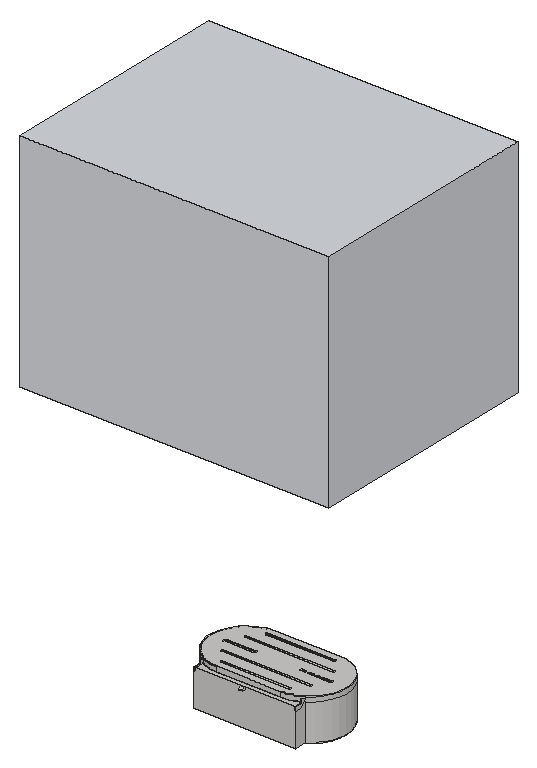
Revit family
Parameters
  Trim Material = Metal - Stainless Steel
  Body Material = Metal - Stainless Steel
  Warranty Duration (Years) = 0
  URL = "http://www.americanspecialties.com/viewCategories.cfm"
  Test Data = ""
  Specification = "http://www.arcat.com/sdspecs/htm/10810asi.htm"
  SpecWizard = ""
  Send Message = "http://www.arcat.com/users.pl?action=UserEmail&company=American%20Specialties,%20Inc.&coid=30448&rep=139&fax=914-476-0688&mf="
  Sales Information = "http://www.americanspecialties.com/contact"
  Revision = "R1_10-2010"
  Product Properties = "http://www.americanspecialties.com/datasheets/0040.pdf"
  Product Data = "http://www.arcat.com/arcatcos/cos30/arc30448.html"
  Model = "As Specified in 10 28 13"
  Manufacturer Website = "http://www.americanspecialties.com/viewCategories.cfm"
  Manufacturer Phone - Toll Free = ""
  Manufacturer Phone = "914-476-9000 "
  Manufacturer Fax = "914-476-0688"
  Manufacturer Address = "441 Saw Mill River Rd., Yonkers, NY 10701"
  Manufacturer = "American Specialties, Inc."
  Maintenance Schedule (Months) = 0
  Keynote = "10 28 13"
  Installation-Fabrication = "http://www.americanspecialties.com/products.cfm"
  Green Building-LEED = ""
  Expected Lifespan (Years) = 0
  Drawn By = "Robert S. Weygant. CSI, CDT, SCIP"  # constant formula
  Description = "Toilet Accessory as Specified in 10 28 13"
  Default Elevation = 4' - 0"
  Copyright = "©Arcat Inc."
  Construction Details = "http://www.arcat.com/green/clients/leed_data_30448.html"
  Building Codes = "http://www.americanspecialties.com/products.cfm"
  Assembly Code = "C1030210"
Reference planes (in)
  plane 1 "Center (Front/Back)": y = -0.29112
  plane 2 "Floor Line": z = 0
  plane 3 "Center (Left/Right)": x = -0.65843
  plane 4: y = 5.39638
  plane 5: y = -5.97862
  plane 6: x = -10.68968
  plane 7: x = 9.37282
  plane 8: y = -6.85362
  plane 9: z = 6.1875
  plane 10: z = 5.4375
Forms (in)
  Extrusion 1, solid
    sketch origin (-3.65843, -10.3328, -6) x (0, 0, -1) y (1, 0, 0)
      loop
        line (-82, 26) -> (-82, -19.34712) -> (-48.93315, -19.34712) -> (-48.93315, 26) -> (-82, 26)
    from 9 to -25.60721
  Extrusion 2, solid, material "Metal - Stainless Steel" <- "Body Material"
    sketch origin (0, 0, 1.25669) x (1, 0, 0) y (0, 1, 0)
      loop
        arc (-5.37718, 5.39638) -> (-10.68968, 0.08388) -> (-5.37718, -5.22862) r 5.3125
        line (-5.37718, -5.22862) -> (4.06032, -5.22862)
        arc (4.06032, -5.22862) -> (9.37282, 0.08388) -> (4.06032, 5.39638) r 5.3125
        line (4.06032, 5.39638) -> (-5.37718, 5.39638)
      loop
        arc (-8.38871, 0.33388) -> (-8.63871, 0.08388) -> (-8.38871, -0.16612) r 0.25
        line (-8.38871, -0.16612) -> (-4.13871, -0.16612)
        arc (-4.13871, -0.16612) -> (-3.88871, 0.08388) -> (-4.13871, 0.33388) r 0.25
        line (-4.13871, 0.33388) -> (-8.38871, 0.33388)
      loop
        line (7.07184, 0.33388) -> (2.82184, 0.33388)
        arc (2.82184, 0.33388) -> (2.57184, 0.08388) -> (2.82184, -0.16612) r 0.25
        line (2.82184, -0.16612) -> (7.07184, -0.16612)
        arc (7.07184, -0.16612) -> (7.32184, 0.08388) -> (7.07184, 0.33388) r 0.25
    from 4.86831 to 4.93081
  Extrusion 3, solid, material "Metal - Stainless Steel" <- "Body Material"
    sketch origin (0, 0, 0) x (1, 0, 0) y (0, 1, 0)
      loop
        arc (-5.37718, 5.39638) -> (-10.68968, 0.08388) -> (-5.37718, -5.22862) r 5.3125
        line (-5.37718, -5.22862) -> (4.06032, -5.22862)
        arc (4.06032, -5.22862) -> (9.37282, 0.08388) -> (4.06032, 5.39638) r 5.3125
        line (4.06032, 5.39638) -> (-5.37718, 5.39638)
      loop
        arc (-5.37718, 5.33388) -> (-10.62718, 0.08388) -> (-5.37718, -5.16612) r 5.25
        line (-5.37718, -5.16612) -> (4.06032, -5.16612)
        arc (4.06032, -5.16612) -> (9.31032, 0.08388) -> (4.06032, 5.33388) r 5.25
        line (4.06032, 5.33388) -> (-5.37718, 5.33388)
    from 0 to 5.4375
  Extrusion 4, solid, material "Metal - Stainless Steel" <- "Body Material"
    sketch origin (-0.23893, 0.375, 0) x (1, 0, 0) y (0, 1, 0)
      loop
        arc (-5.41951, 3.95754) -> (-5.54451, 3.83254) -> (-5.41951, 3.70754) r 0.125
        line (-5.41951, 3.70754) -> (4.58049, 3.70754)
        arc (4.58049, 3.70754) -> (4.70549, 3.83254) -> (4.58049, 3.95754) r 0.125
        line (4.58049, 3.95754) -> (-5.41951, 3.95754)
      loop
        arc (-6.91951, 1.95754) -> (-7.04451, 1.83254) -> (-6.91951, 1.70754) r 0.125
        line (-6.91951, 1.70754) -> (6.08049, 1.70754)
        arc (6.08049, 1.70754) -> (6.20549, 1.83254) -> (6.08049, 1.95754) r 0.125
        line (6.08049, 1.95754) -> (-6.91951, 1.95754)
      loop
        arc (-6.91951, -2.28978) -> (-7.04451, -2.41478) -> (-6.91951, -2.53978) r 0.125
        line (-6.91951, -2.53978) -> (6.08049, -2.53978)
        arc (6.08049, -2.53978) -> (6.20549, -2.41478) -> (6.08049, -2.28978) r 0.125
        line (6.08049, -2.28978) -> (-6.91951, -2.28978)
      loop
        arc (-5.41951, -4.28978) -> (-5.54451, -4.41478) -> (-5.41951, -4.53978) r 0.125
        line (-5.41951, -4.53978) -> (4.58049, -4.53978)
        arc (4.58049, -4.53978) -> (4.70549, -4.41478) -> (4.58049, -4.28978) r 0.125
        line (4.58049, -4.28978) -> (-5.41951, -4.28978)
    from 6.1875 to 6.21875
  Extrusion 5, solid, material "Metal - Stainless Steel" <- "Body Material"
    sketch origin (0, 0, 0) x (1, 0, 0) y (0, 1, 0)
      loop
        line (-8.15843, -5.97862) -> (6.84157, -5.97862) -> (6.84157, -4.44241)
        arc (6.84157, -4.44241) -> (5.50544, -5.02829) -> (4.06032, -5.22862) r 5.3125
        line (4.06032, -5.22862) -> (-5.37718, -5.22862)
        arc (-5.37718, -5.22862) -> (-6.8223, -5.02829) -> (-8.15843, -4.44241) r 5.3125
        line (-8.15843, -4.44241) -> (-8.15843, -5.97862)
    from 0 to 5.4375
  Extrusion 6, solid, material "Metal - Stainless Steel" <- "Trim Material"
    sketch origin (0, -0.29112, 3.75) x (1, 0, 0) y (0, 0, 1)
      loop
        circle (-0.65843, 1.01656) r 0.25
    from -5.87138 to -5.6875
  Extrusion 7, solid, material "Metal - Stainless Steel" <- "Body Material"
    sketch origin (0, 0, 0) x (1, 0, 0) y (0, 1, 0)
      loop
        arc (-5.37718, 5.39638) -> (-10.68968, 0.08388) -> (-5.37718, -5.22862) r 5.3125
        line (-5.37718, -5.22862) -> (4.06032, -5.22862)
        arc (4.06032, -5.22862) -> (9.37282, 0.08388) -> (4.06032, 5.39638) r 5.3125
        line (4.06032, 5.39638) -> (-5.37718, 5.39638)
      loop
        arc (-5.37718, 5.33388) -> (-10.62718, 0.08388) -> (-5.37718, -5.16612) r 5.25
        line (-5.37718, -5.16612) -> (4.06032, -5.16612)
        arc (4.06032, -5.16612) -> (9.31032, 0.08388) -> (4.06032, 5.33388) r 5.25
        line (4.06032, 5.33388) -> (-5.37718, 5.33388)
    from 5.4375 to 6.125
  Extrusion 8, solid, material "Metal - Stainless Steel" <- "Body Material"
    sketch origin (0, 0, -4.86831) x (1, 0, 0) y (0, 1, 0)
      loop
        arc (-5.37718, 5.39638) -> (-10.68968, 0.08388) -> (-5.37718, -5.22862) r 5.3125
        line (-5.37718, -5.22862) -> (4.06032, -5.22862)
        arc (4.06032, -5.22862) -> (9.37282, 0.08388) -> (4.06032, 5.39638) r 5.3125
        line (4.06032, 5.39638) -> (-5.37718, 5.39638)
    from 4.86831 to 4.93081
  Extrusion 9, solid, material "Metal - Stainless Steel" <- "Body Material"
    sketch origin (-0.65843, 0, 0) x (0, 1, 0) y (0, 0, 1)
      loop
        line (-4.26194, 5.95385) -> (-4.81272, 5.95385)
        arc (-4.81272, 5.95385) -> (-4.85691, 5.93554) -> (-4.87522, 5.89135) r 0.0625
        line (-4.87522, 5.89135) -> (-4.87522, 5.51635)
        arc (-4.87522, 5.51635) -> (-4.89352, 5.47216) -> (-4.93772, 5.45385) r 0.0625
        line (-4.93772, 5.45385) -> (-5.95086, 5.45385)
        arc (-5.95086, 5.45385) -> (-5.99505, 5.43554) -> (-6.01336, 5.39135) r 0.0625
        line (-6.01336, 5.39135) -> (-6.01336, 5.02206)
        arc (-6.01336, 5.02206) -> (-5.99308, 4.97598) -> (-5.94541, 4.9598) r 0.0625
        line (-5.94541, 4.9598) -> (-5.10701, 4.9598)
        arc (-5.10701, 4.9598) -> (-5.08309, 4.96455) -> (-5.06281, 4.9781) r 0.0625
        line (-5.06281, 4.9781) -> (-4.34574, 5.69517)
        arc (-4.34574, 5.69517) -> (-4.32547, 5.70872) -> (-4.30155, 5.71348) r 0.0625
        line (-4.30155, 5.71348) -> (-4.19944, 5.71348) -> (-4.19944, 5.89135)
        arc (-4.19944, 5.89135) -> (-4.21775, 5.93554) -> (-4.26194, 5.95385) r 0.0625
    from 7.32976 to 7.5
  Extrusion 10, solid, material "Metal - Stainless Steel" <- "Body Material"
    sketch origin (-0.65843, 0, 0) x (0, 1, 0) y (0, 0, -1)
      loop
        arc (-4.26194, -5.95385) -> (-4.21775, -5.93554) -> (-4.19944, -5.89135) r 0.0625
        line (-4.19944, -5.89135) -> (-4.19944, -5.71348) -> (-4.30155, -5.71348)
        arc (-4.30155, -5.71348) -> (-4.32547, -5.70872) -> (-4.34574, -5.69517) r 0.0625
        line (-4.34574, -5.69517) -> (-5.06281, -4.9781)
        arc (-5.06281, -4.9781) -> (-5.08309, -4.96455) -> (-5.10701, -4.9598) r 0.0625
        line (-5.10701, -4.9598) -> (-5.94541, -4.9598)
        arc (-5.94541, -4.9598) -> (-5.99308, -4.97598) -> (-6.01336, -5.02206) r 0.0625
        line (-6.01336, -5.02206) -> (-6.01336, -5.39135)
        arc (-6.01336, -5.39135) -> (-5.99505, -5.43554) -> (-5.95086, -5.45385) r 0.0625
        line (-5.95086, -5.45385) -> (-4.93772, -5.45385)
        arc (-4.93772, -5.45385) -> (-4.89352, -5.47216) -> (-4.87522, -5.51635) r 0.0625
        line (-4.87522, -5.51635) -> (-4.87522, -5.89135)
        arc (-4.87522, -5.89135) -> (-4.85691, -5.93554) -> (-4.81272, -5.95385) r 0.0625
        line (-4.81272, -5.95385) -> (-4.26194, -5.95385)
    from 7.32976 to 7.5
  Extrusion 11, solid, material "Metal - Stainless Steel" <- "Trim Material"
    sketch origin (-0.65843, 0, 0) x (0, 1, 0) y (0, 0, 1)
      loop
        line (-5.97862, 5.4375) -> (-6.3962, 5.22473) -> (-6.3962, 5.09979) -> (-5.97862, 5.09979) -> (-5.97862, 5.4375)
    from -0.60815 to 0
Cuts and joins
  joined: Extrusion 2, Extrusion 7
  joined: Extrusion 3, Extrusion 8
Dimensions and locks (in)
  aligned and locked: Extrusion 5 sketch curve to Extrusion 2  (x3)
  aligned and locked: Extrusion 5 to level
  aligned and locked: plane 4 to Extrusion 6
  aligned and locked: Extrusion 7 sketch curve to Extrusion 2  (x4)
  aligned and locked: Extrusion 7 to Extrusion 2
  aligned and locked: Extrusion 7 to plane 10
  aligned and locked: plane 10 to Extrusion 3
  aligned and locked: plane 10 to Extrusion 5
  aligned and locked: level to Extrusion 5
  aligned and locked: Extrusion 8 to level
  aligned and locked: Extrusion 9 to Extrusion 5
  aligned and locked: plane 3 "Center (Left/Right)" to Extrusion 11
